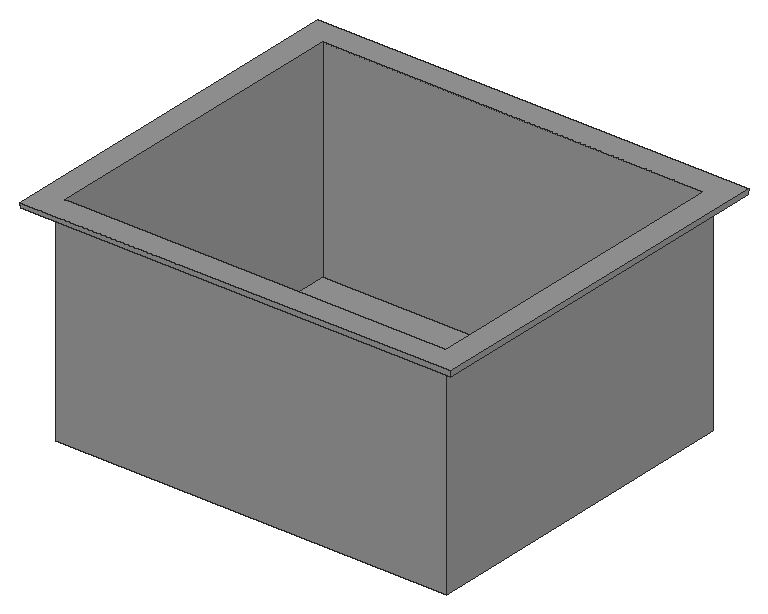
Revit family "CUBES Fregadero 44x38cm OT2011005", category Generic Models, host Face, Revit 2014
Parameters
  MODELO = "CUBES"
  MARCA = "WASSER"
  EMPRESA = "CHC COMERCIAL HISPANO CHILENA"
  Default Elevation = 1219.2 mm
  DIMENSIONES = "44X38CM"
  CÓDIGO = "OT2011005"
  ACCESORIO = "FREGADERO"
Reference planes
  plane 1 "Center (Front/Back)": y = 0
  plane 2: z = 0
  plane 3 "Center (Left/Right)": x = 0
  plane 4: x = -220
  plane 5: y = 190
  plane 6: x = 220
  plane 7: y = -190
  plane 8: y = 165
  plane 9: y = -165
  plane 10: x = -195
  plane 11: x = 195
  plane 12: z = 220
  plane 13: y = 45
  plane 14: y = 25
  plane 15: through (0, 0, 1219.2) normal (-0.7071, 0.7071, 0)
  plane 16: through (0, 0, 1219.2) normal (-0.7071, -0.7071, 0)
  plane 17: through (0, 0, 1219.2) normal (0.7071, -0.7071, 0)
  plane 18: through (0, 0, 1219.2) normal (0.7071, 0.7071, 0)
Forms (mm)
  Sweep 1, solid, material "Stainless Steel AISI 304"
    path origin (0, 0, 0) x (1, 0, 0) y (0, 1, 0)
      loop
        line (-195, 165) -> (-195, -165) -> (195, -165) -> (195, 165) -> (-195, 165)
    profile origin (0, 165, 0) x (0, 1, 0) y (0, 0, 1)
      loop
        line (0, 220) -> (0, 5) -> (-158.539, 5) -> (-158.539, 0) -> (5, 0) -> (5, 215) -> (25, 215) -> (25, 220) -> (0, 220)
  Extrusion 2, void
    sketch origin (0, 0, 0) x (1, 0, 0) y (0, 1, 0)
      loop
        circle (0, 0) r 60
    from 0 to 250
  Revolve 3, solid, material "Stainless Steel AISI 304"
    sketch origin (0, 0, 0) x (0, 1, 0) y (0, 0, 1)
      loop
        line (60, 3.026) -> (45, 3.026) -> (45, 1.552) -> (25, 1.552) -> (25, 3.026) -> (0, 3.026) -> (0, 0) -> (60, 0) -> (60, 3.026)
      axis (0, 3.026) -> (0, 0)
    angle from 0 to 360
  Extrusion 4, void
    sketch origin (0, 0, 0) x (1, 0, 0) y (0, 1, 0)
      loop
        spline (0, 28.681) -> (0.582, 28.896) -> (1.125, 29.528) -> (1.591, 30.532) -> (1.949, 31.841) -> (2.174, 33.365) -> (2.25, 35) -> (2.174, 36.635) -> (1.949, 38.159) -> (1.591, 39.468) -> (1.125, 40.472) -> (0.582, 41.104) -> (0, 41.319)
        spline (0, 41.319) -> (-0.582, 41.104) -> (-1.125, 40.472) -> (-1.591, 39.468) -> (-1.949, 38.159) -> (-2.174, 36.635) -> (-2.25, 35) -> (-2.174, 33.365) -> (-1.949, 31.841) -> (-1.591, 30.532) -> (-1.125, 29.528) -> (-0.582, 28.896) -> (0, 28.681)
      loop
        spline (0, -28.681) -> (-0.582, -28.896) -> (-1.125, -29.528) -> (-1.591, -30.532) -> (-1.949, -31.841) -> (-2.174, -33.365) -> (-2.25, -35) -> (-2.174, -36.635) -> (-1.949, -38.159) -> (-1.591, -39.468) -> (-1.125, -40.472) -> (-0.582, -41.104) -> (0, -41.319)
        spline (0, -41.319) -> (0.582, -41.104) -> (1.125, -40.472) -> (1.591, -39.468) -> (1.949, -38.159) -> (2.174, -36.635) -> (2.25, -35) -> (2.174, -33.365) -> (1.949, -31.841) -> (1.591, -30.532) -> (1.125, -29.528) -> (0.582, -28.896) -> (0, -28.681)
      loop
        spline (28.681, 0) -> (28.896, -0.582) -> (29.528, -1.125) -> (30.532, -1.591) -> (31.841, -1.949) -> (33.365, -2.174) -> (35, -2.25) -> (36.635, -2.174) -> (38.159, -1.949) -> (39.468, -1.591) -> (40.472, -1.125) -> (41.104, -0.582) -> (41.319, 0)
        spline (41.319, 0) -> (41.104, 0.582) -> (40.472, 1.125) -> (39.468, 1.591) -> (38.159, 1.949) -> (36.635, 2.174) -> (35, 2.25) -> (33.365, 2.174) -> (31.841, 1.949) -> (30.532, 1.591) -> (29.528, 1.125) -> (28.896, 0.582) -> (28.681, 0)
      loop
        spline (-28.681, 0) -> (-28.896, 0.582) -> (-29.528, 1.125) -> (-30.532, 1.591) -> (-31.841, 1.949) -> (-33.365, 2.174) -> (-35, 2.25) -> (-36.635, 2.174) -> (-38.159, 1.949) -> (-39.468, 1.591) -> (-40.472, 1.125) -> (-41.104, 0.582) -> (-41.319, 0)
        spline (-41.319, 0) -> (-41.104, -0.582) -> (-40.472, -1.125) -> (-39.468, -1.591) -> (-38.159, -1.949) -> (-36.635, -2.174) -> (-35, -2.25) -> (-33.365, -2.174) -> (-31.841, -1.949) -> (-30.532, -1.591) -> (-29.528, -1.125) -> (-28.896, -0.582) -> (-28.681, 0)
      loop
        spline (20.281, 20.281) -> (20.845, 20.021) -> (21.675, 20.084) -> (22.714, 20.464) -> (23.893, 21.137) -> (25.129, 22.055) -> (26.34, 23.157) -> (27.442, 24.368) -> (28.361, 25.605) -> (29.033, 26.783) -> (29.414, 27.823) -> (29.477, 28.653) -> (29.217, 29.217)
        spline (29.217, 29.217) -> (28.653, 29.477) -> (27.823, 29.414) -> (26.783, 29.033) -> (25.605, 28.361) -> (24.368, 27.442) -> (23.157, 26.34) -> (22.055, 25.129) -> (21.137, 23.893) -> (20.464, 22.714) -> (20.084, 21.675) -> (20.021, 20.845) -> (20.281, 20.281)
      loop
        spline (-20.281, -20.281) -> (-20.845, -20.021) -> (-21.675, -20.084) -> (-22.714, -20.464) -> (-23.893, -21.137) -> (-25.129, -22.055) -> (-26.34, -23.157) -> (-27.442, -24.368) -> (-28.361, -25.605) -> (-29.033, -26.783) -> (-29.414, -27.823) -> (-29.477, -28.653) -> (-29.217, -29.217)
        spline (-29.217, -29.217) -> (-28.653, -29.477) -> (-27.823, -29.414) -> (-26.783, -29.033) -> (-25.605, -28.361) -> (-24.368, -27.442) -> (-23.157, -26.34) -> (-22.055, -25.129) -> (-21.137, -23.893) -> (-20.464, -22.714) -> (-20.084, -21.675) -> (-20.021, -20.845) -> (-20.281, -20.281)
      loop
        spline (20.281, -20.281) -> (20.021, -20.845) -> (20.084, -21.675) -> (20.464, -22.714) -> (21.137, -23.893) -> (22.055, -25.129) -> (23.157, -26.34) -> (24.368, -27.442) -> (25.605, -28.361) -> (26.783, -29.033) -> (27.823, -29.414) -> (28.653, -29.477) -> (29.217, -29.217)
        spline (29.217, -29.217) -> (29.477, -28.653) -> (29.414, -27.823) -> (29.033, -26.783) -> (28.361, -25.605) -> (27.442, -24.368) -> (26.34, -23.157) -> (25.129, -22.055) -> (23.893, -21.137) -> (22.714, -20.464) -> (21.675, -20.084) -> (20.845, -20.021) -> (20.281, -20.281)
      loop
        spline (-20.281, 20.281) -> (-20.021, 20.845) -> (-20.084, 21.675) -> (-20.464, 22.714) -> (-21.137, 23.893) -> (-22.055, 25.129) -> (-23.157, 26.34) -> (-24.368, 27.442) -> (-25.605, 28.361) -> (-26.783, 29.033) -> (-27.823, 29.414) -> (-28.653, 29.477) -> (-29.217, 29.217)
        spline (-29.217, 29.217) -> (-29.477, 28.653) -> (-29.414, 27.823) -> (-29.033, 26.783) -> (-28.361, 25.605) -> (-27.442, 24.368) -> (-26.34, 23.157) -> (-25.129, 22.055) -> (-23.893, 21.137) -> (-22.714, 20.464) -> (-21.675, 20.084) -> (-20.845, 20.021) -> (-20.281, 20.281)
    from 0 to 15.238
Cuts and joins
  Extrusion 2 cuts Sweep 1
  Extrusion 4 cuts Revolve 3
Dimensions and locks
  aligned and locked: plane 2 to host face
  aligned and locked: level to host face
